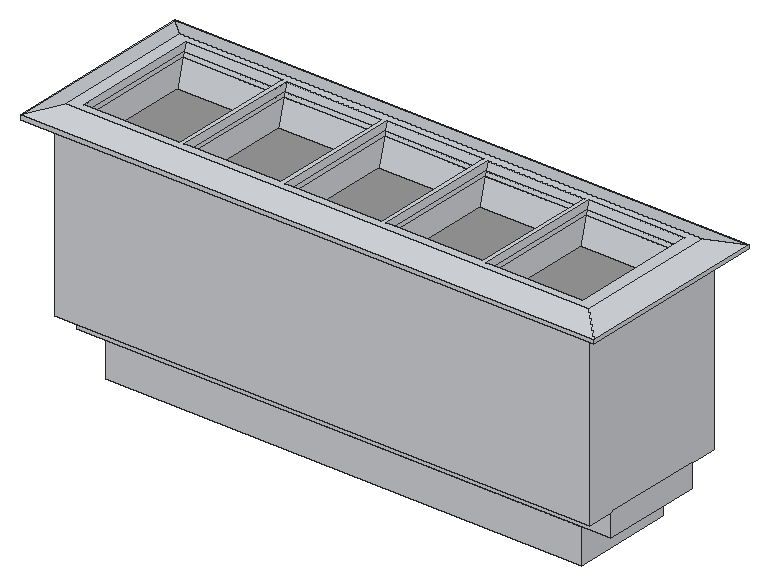
Revit family "2061402 Sylvania Lighting Fixture DOMINO 5xLED 940 BLACK NB TRIM BLACK DALI", category Lighting Fixtures, host Face, Revit 2018
Family settings
  Host = Face
  Round Connector Dimension = Use Diameter
  Part Type = Normal
  OmniClass Number = 23.80.70.00
  OmniClass Title = Lighting
  Cut with Voids When Loaded = No
  Light Source = Yes
  Shared = No
  Room Calculation Point = No
Parameters (values of type "2061402 DOMINO 5XLED 940 BLACK NB TR BLK DALI")
  top top width = 15.812 mm
  top top length = 123 mm
  Width = 50 mm
  Weight = "n/a"
  Wattage Comments = ""
  Wattage = 9.2903 W
  WarrantyStartDate [instance] = "n/a"
  WarrantyGuarantorParts = "n/a"
  WarrantyDurationUnit = "n/a"
  WarrantyDurationParts = ""
  WarrantyDescription = "http://www.sylvania-lighting.com"
  built-in parameter 1150110 = 1 (stored number, unit not read)
  Voltage = 0 V
  URL = "0.96"
  TypeName = "DOMINO 5xLED 940 BLACK NB TRIM BLACK DALI"
  Type Image = <None>
  Type Comments = "n/a"
  built-in parameter 1114217 = 1 (stored number, unit not read)
  Top Width = 26 mm
  Tilt Angle = 90.00°
  built-in parameter 1150109 = 1 (stored number, unit not read)
  built-in parameter 1150134 = 3
  built-in parameter 1150113 = 1 (stored number, unit not read)
  SerialNumber [instance] = "n/a"
  Recessed Width = 43 mm
  Recessed Length = 143 mm
  Photometric Web File = "2061402.ies"
  Material_3_FEILO = none
  PowerFactor = 0
  PowerConsumption = "Lighting"
  NominalLength = 50 mm
  NominalHeight = 0 mm
  NominalDepth = 0 mm
  Name = "DOMINO 5xLED 940 BLACK NB TRIM BLACK DALI"
  ModelReference = Name  # "DOMINO 5xLED 940 BLACK NB TRIM BLACK DALI"
  ModelNumber = "2061402"
  Model = Name  # "DOMINO 5xLED 940 BLACK NB TRIM BLACK DALI"
  Material = "Feilo Sylvania"
  ManufacturerName = "67 lm/W"
  Manufacturer = ""
  LuminousEfficacy = ""
  built-in parameter 1150105 = 109.82 (stored number, unit not read)
  Lumens = 1380 lm
  LuminaireType = "0"
  built-in parameter 1150115 = 1 (stored number, unit not read)
  LightOutputRatio = "LED"
  built-in parameter 1150137 = (empty or 0)
  built-in parameter 1150139 = (empty or 0)
  Lens inside recess = 25 mm
  Lens Width = 32 mm
  Lens Outside recess = 31.978 mm
  Lens = Glass, White, High Luminance
  Length = 148 mm
  LampsType = Lamp  # "n/a"
  LampNominalLuminous = "4000 K"
  LampMacAdamStep = "90"
  LampColourTemperature = "LED"
  LampColourRenderingIndex = "16500"
  built-in parameter 1150112 = 1 (stored number, unit not read)
  built-in parameter 1150114 = 1 (stored number, unit not read)
  Lamp = "n/a"
  Keynote = "n/a"
  InstallationDate [instance] = "n/a"
  InputVoltage = "0"
  InputNominalFrequency = "4000"
  built-in parameter 1150132 = (empty or 0)
  built-in parameter 1150102 = (empty or 0)
  built-in parameter 1150107 = 3200 (stored number, unit not read)
  built-in parameter 1150138 = (empty or 0)
  IngressProtection = "IfcLightFixtureType"
  ImpactProtectionIndex = "IfcLightFixtureType"
  built-in parameter 1150106 = 1.0982 (stored number, unit not read)
  IfcExportType = "IfcLightFixtureType"
  IfcExportAs = "Class II"
  Facia internal width = 37 mm
  Facia internal length = 135 mm
  Facia Height = 2 mm
  ExpectedLife = 50000
  Emit from Circle Diameter = 609.6 mm
  Emit Shape Visible in Rendering = no
  ElectricShockClassification = "67"
  built-in parameter 1150104 = 13.8 (stored number, unit not read)
  DurationUnit = "hours"
  DocumentationLiterature = "http://www.sylvania-lighting.com/product/en-int/products/2061402"
  DimmingControlOptions = "n/a"
  Material_2_FEILO = none
  Dimming Lamp Color Temperature Shift = <None>
  Description = "Modular LED recessed linear spotlight, ideal for retail and hospitality applications. Die-cast aluminium body, passive cooling. Two levels of reflector installation, low glaring UGR<16. 5x LED source, 15° beam angle , optics: PMMA lens and polycarbonate reflector combination, Black matt reflector finish. Light color temperature: 4000K neutral white, total system power: 13W , total fixture lumen output: 860lm, efficacy: 67 lm/W, Ra90 typical, LED chromacity: 3 step MacAdam ellipse (SDCM3), lifespan: 96,000 hours at 90% of the original output (L90B10), IR/UV free light source without heat radiation, operating voltage: 220-240V / 50-60Hz, electronic driver, ultra low flicker, DALI , electrical protection: Class II. Degree of Protection: IP40/IP20, suitable for indoor environment only. Ceiling cut-out: 43x43mm, outer dimensions:  150x50mm trim frame RAL 9005 - Jet black color.5 years Warranty."
  Default Elevation = 1219.2 mm
  CreatedOn = "10/02/2021"
  CreatedBy = "@sylvania-lighting.com"
  Cost = 0
  Color Filter = 16777215
  built-in parameter 1114216 [instance] = (empty or 0)
  ClassificationValue = "EF_70_80"
  ClassificationName = "Uniclass2015"
  Material_1_FEILO = none
  Body Width = 40 mm
  Body Length = 138 mm
  BarCode [instance] = "n/a"
  built-in parameter 1114218 = 1 (stored number, unit not read)
  built-in parameter 1150133 = 10 (stored number, unit not read)
  AssetType = "Fixed"
  AssetIdentifier [instance] = "n/a"
  Assembly Code = "D5020200"
  Apparent Load = 13 VA
  Material_4_FEILO = none
Reference planes
  plane 1 "Center (Front/Back)": y = 0
  plane 2: z = 0
  plane 3 "Center (Left/Right)": x = 0
  plane 4: z = 0
  plane 5: z = -7
  plane 6: z = -45.895
  plane 7: z = -51.895
  plane 8: z = -60.895
  plane 9: x = -71.5
  plane 10: x = 71.5
  plane 11: y = 21.5
  plane 12: y = -21.5
  plane 13: x = -74
  plane 14: x = 74
  plane 15: y = 25
  plane 16: y = -25
  plane 17: x = 67.5
  plane 18: x = -67.5
  plane 19: y = 18.5
  plane 20: y = -18.5
  plane 21: z = 2
  plane 22: x = -69
  plane 23: x = 69
  plane 24: y = 20
  plane 25: y = -20
  plane 26: y = 13
  plane 27: y = -13
  plane 28: x = 61.5
  plane 29: x = -61.5
  plane 30: x = -65.5
  plane 31: y = 16.5
  plane 32: y = -16.472
  plane 33: x = -40.5
  plane 34: x = -41
  plane 35: x = -65
  plane 36: y = 13
  plane 37: y = -12.972
  plane 38: x = -39.5
  plane 39: x = -14.48
  plane 40: x = -13.48
  plane 41: x = 11.52
  plane 42: x = 12.52
  plane 43: x = 37.52
  plane 44: x = 38.52
  plane 45: x = 64.5
Forms (mm)
  Extrusion 1, solid, not visible, detail levels medium+fine
    sketch origin (4.2, 0, 0) x (1, 0, 0) y (0, 1, 0)
      loop
        line (-29.2, 34.5) -> (-29.2, -34.5) -> (20.8, -34.5) -> (20.8, 34.5) -> (-29.2, 34.5)
    from 0 to 1
  Extrusion 2, solid, not visible, detail levels medium+fine
    sketch origin (4.044, 0, 0) x (1, 0, 0) y (0, 1, 0)
      loop
        line (-29.2, 34.5) -> (-29.2, -34.5) -> (20.8, -34.5) -> (20.8, 34.5) -> (-29.2, 34.5)
    from 0 to 1
  Blend 3, solid, not visible, detail levels medium+fine
    base sketch origin (4.2, 0, 0) x (1, 0, 0) y (0, 1, 0)
      loop
        line (-29.2, 34.5) -> (-29.2, -34.5) -> (20.8, -34.5) -> (20.8, 34.5) -> (-29.2, 34.5)
    top sketch origin (4.2, 0, 0) x (1, 0, 0) y (0, 1, 0)
      loop
        line (-21.7, 28) -> (-21.7, -28) -> (13.3, -28) -> (13.3, 28) -> (-21.7, 28)
    from 1 to 3
  Extrusion 4, solid, not visible, detail levels medium+fine
    sketch origin (3.419, 0, 0) x (1, 0, 0) y (0, 1, 0)
      loop
        line (-29.2, 34.5) -> (-29.2, -34.5) -> (20.8, -34.5) -> (20.8, 34.5) -> (-29.2, 34.5)
    from 0 to 1
  Blend 5, solid, not visible, detail levels medium+fine
    base sketch origin (3.575, 0, 0) x (1, 0, 0) y (0, 1, 0)
      loop
        line (-29.2, 34.5) -> (-29.2, -34.5) -> (20.8, -34.5) -> (20.8, 34.5) -> (-29.2, 34.5)
    top sketch origin (3.575, 0, 0) x (1, 0, 0) y (0, 1, 0)
      loop
        line (-21.7, 28) -> (-21.7, -28) -> (13.3, -28) -> (13.3, 28) -> (-21.7, 28)
    from 1 to 3
  Extrusion 6, solid, not visible, detail levels medium+fine
    sketch origin (4.247, 0, 0) x (1, 0, 0) y (0, 1, 0)
      loop
        line (-29.2, 34.5) -> (-29.2, -34.5) -> (20.8, -34.5) -> (20.8, 34.5) -> (-29.2, 34.5)
    from 0 to 1
  Blend 7, solid, not visible, detail levels medium+fine
    base sketch origin (4.403, 0, 0) x (1, 0, 0) y (0, 1, 0)
      loop
        line (-29.2, 34.5) -> (-29.2, -34.5) -> (20.8, -34.5) -> (20.8, 34.5) -> (-29.2, 34.5)
    top sketch origin (4.403, 0, 0) x (1, 0, 0) y (0, 1, 0)
      loop
        line (-21.7, 28) -> (-21.7, -28) -> (13.3, -28) -> (13.3, 28) -> (-21.7, 28)
    from 1 to 3
  Extrusion 8, void, detail levels medium+fine
    sketch origin (4.2, 0, 0) x (0, 1, 0) y (1, 0, 0)
      loop
        line (21.5, -75.7) -> (21.5, 67.3) -> (-21.5, 67.3) -> (-21.5, -75.7) -> (21.5, -75.7)
    from -9.934 to 83.097
  Extrusion 9, solid, detail levels medium+fine
    sketch origin (4.2, 0, 0) x (1, 0, 0) y (0, 1, 0)
      loop
        line (-78.2, 25) -> (-78.2, -25) -> (69.8, -25) -> (69.8, 25) -> (-78.2, 25)
    from 0 to 1
  Extrusion 10, solid, detail levels medium+fine
    sketch origin (4.2, 0, 0) x (1, 0, 0) y (0, 1, 0)
      loop
        line (-73.2, 20) -> (-73.2, -20) -> (64.8, -20) -> (64.8, 20) -> (-73.2, 20)
    from 0 to -45.895
  Extrusion 11, solid, detail levels medium+fine
    sketch origin (4.2, 0, 0) x (1, 0, 0) y (0, 1, 0)
      loop
        line (-73.2, 13) -> (-73.2, -13) -> (64.8, -13) -> (64.8, 13) -> (-73.2, 13)
    from -51.895 to -45.895
  Extrusion 12, solid, material "Glass, White, High Luminance" <- "Lens", detail levels fine
    sketch origin (11.874, 1219.733, 36.156) x (1, 0, 0) y (0, 1, 0)
      loop
        line (-75.883, -1206.7) -> (-75.883, -1232.733) -> (-51.887, -1232.733) -> (-51.887, -1206.7) -> (-75.883, -1206.7)
    from -43.156 to -42.182
  Blend 13, solid, detail levels medium+fine
    base sketch origin (4.2, 0, 0) x (1, 0, 0) y (0, 1, 0)
      loop
        line (-78.2, 25) -> (-78.2, -25) -> (69.8, -25) -> (69.8, 25) -> (-78.2, 25)
    top sketch origin (4.2, 0, 0) x (1, 0, 0) y (0, 1, 0)
      loop
        line (-71.7, 18.5) -> (-71.7, -18.5) -> (63.3, -18.5) -> (63.3, 18.5) -> (-71.7, 18.5)
    from 1 to 3
  Extrusion 14, solid, detail levels fine
    sketch origin (0, 0, 0) x (1, 0, 0) y (0, 0, 1)
      loop
        line (-61.5, -51.895) -> (-61.5, -60.895) -> (61.5, -60.895) -> (61.5, -51.895) -> (-61.5, -51.895)
    from -13 to 13
  Blend 15, void
    base sketch origin (5.187, 0, 0) x (0, 1, 0) y (-1, 0, 0)
      loop
        line (16.5, 69.7) -> (-16.472, 69.7) -> (-16.472, 44.7) -> (16.5, 44.7) -> (16.5, 69.7)
    top sketch origin (5.187, 0, 0) x (0, 1, 0) y (-1, 0, 0)
      loop
        line (13, 69.2) -> (-12.972, 69.2) -> (-12.972, 45.2) -> (13, 45.2) -> (13, 69.2)
    from 3 to -7
  Blend 16, void
    base sketch origin (31.202, 0, 0) x (0, 1, 0) y (-1, 0, 0)
      loop
        line (16.5, 69.7) -> (-16.472, 69.7) -> (-16.472, 44.7) -> (16.5, 44.7) -> (16.5, 69.7)
    top sketch origin (31.202, 0, 0) x (0, 1, 0) y (-1, 0, 0)
      loop
        line (13, 69.2) -> (-12.972, 69.2) -> (-12.972, 45.2) -> (13, 45.2) -> (13, 69.2)
    from 3 to -7
  Blend 17, void
    base sketch origin (57.213, -0.017, 0) x (0, 1, 0) y (-1, 0, 0)
      loop
        line (16.5, 69.7) -> (-16.472, 69.7) -> (-16.472, 44.7) -> (16.5, 44.7) -> (16.5, 69.7)
    top sketch origin (57.213, -0.017, 0) x (0, 1, 0) y (-1, 0, 0)
      loop
        line (13, 69.2) -> (-12.972, 69.2) -> (-12.972, 45.2) -> (13, 45.2) -> (13, 69.2)
    from 3 to -7
  Blend 18, void
    base sketch origin (83.222, 0, 0) x (0, 1, 0) y (-1, 0, 0)
      loop
        line (16.5, 69.7) -> (-16.472, 69.7) -> (-16.472, 44.7) -> (16.5, 44.7) -> (16.5, 69.7)
    top sketch origin (83.222, 0, 0) x (0, 1, 0) y (-1, 0, 0)
      loop
        line (13, 69.2) -> (-12.972, 69.2) -> (-12.972, 45.2) -> (13, 45.2) -> (13, 69.2)
    from 3 to -7
  Blend 19, void
    base sketch origin (109.202, 0, 0) x (0, 1, 0) y (-1, 0, 0)
      loop
        line (16.5, 69.7) -> (-16.472, 69.7) -> (-16.472, 44.7) -> (16.5, 44.7) -> (16.5, 69.7)
    top sketch origin (109.202, 0, 0) x (0, 1, 0) y (-1, 0, 0)
      loop
        line (13, 69.2) -> (-12.972, 69.2) -> (-12.972, 45.2) -> (13, 45.2) -> (13, 69.2)
    from 3 to -7
  Extrusion 20, solid, material "Glass, White, High Luminance" <- "Lens", detail levels fine
    sketch origin (37.889, 1219.733, 36.156) x (1, 0, 0) y (0, 1, 0)
      loop
        line (-75.883, -1206.7) -> (-75.883, -1232.733) -> (-51.887, -1232.733) -> (-51.887, -1206.7) -> (-75.883, -1206.7)
    from -43.156 to -42.182
  Extrusion 21, solid, material "Glass, White, High Luminance" <- "Lens", detail levels fine
    sketch origin (63.896, 1219.733, 36.156) x (1, 0, 0) y (0, 1, 0)
      loop
        line (-75.883, -1206.7) -> (-75.883, -1232.733) -> (-51.887, -1232.733) -> (-51.887, -1206.7) -> (-75.883, -1206.7)
    from -43.156 to -42.182
  Extrusion 22, solid, material "Glass, White, High Luminance" <- "Lens", detail levels fine
    sketch origin (89.905, 1219.733, 36.156) x (1, 0, 0) y (0, 1, 0)
      loop
        line (-75.883, -1206.7) -> (-75.883, -1232.733) -> (-51.887, -1232.733) -> (-51.887, -1206.7) -> (-75.883, -1206.7)
    from -43.156 to -42.182
  Extrusion 23, solid, material "Glass, White, High Luminance" <- "Lens", detail levels fine
    sketch origin (115.886, 1219.733, 36.156) x (1, 0, 0) y (0, 1, 0)
      loop
        line (-75.883, -1206.7) -> (-75.883, -1232.733) -> (-51.887, -1232.733) -> (-51.887, -1206.7) -> (-75.883, -1206.7)
    from -43.156 to -42.182
  Extrusion 24, solid, detail levels coarse
    sketch origin (4.2, 0, 0) x (1, 0, 0) y (0, 1, 0)
      loop
        line (-78.2, 25) -> (-78.2, -25) -> (69.8, -25) -> (69.8, 25) -> (-78.2, 25)
    from 3 to -60.895
Cuts and joins
  Blend 15, Blend 16, Blend 17, Blend 18, Blend 19 cuts Extrusion 9
  Blend 15, Blend 16, Blend 17, Blend 18, Blend 19 cuts Extrusion 10
  Blend 15, Blend 16, Blend 17, Blend 18, Blend 19 cuts Blend 13
Dimensions and locks
  "Recessed Length": plane 9 to plane 10
  equal spacing: plane 9, plane 3 "Center (Left/Right)", plane 10
  "Length": plane 13 to plane 14
  equal spacing: plane 13, plane 3 "Center (Left/Right)", plane 14
  "Recessed Width": plane 11 to plane 12
  equal spacing: plane 11, plane 1 "Center (Front/Back)", plane 12
  "Width": plane 15 to plane 16
  equal spacing: plane 15, plane 1 "Center (Front/Back)", plane 16
  "Facia internal length": plane 18 to plane 17
  equal spacing: plane 18, plane 3 "Center (Left/Right)", plane 17
  "Facia internal width": plane 19 to plane 20
  equal spacing: plane 19, plane 1 "Center (Front/Back)", plane 20
  "Facia Height": plane 21 to host face
  "Body Length": plane 22 to plane 23
  equal spacing: plane 22, plane 3 "Center (Left/Right)", plane 23
  "Body Width": plane 24 to plane 25
  equal spacing: plane 24, plane 1 "Center (Front/Back)", plane 25
  "Top Width": plane 26 to plane 27
  equal spacing: plane 26, plane 1 "Center (Front/Back)", plane 27
  "top top length": plane 29 to plane 28
  equal spacing: plane 29, plane 3 "Center (Left/Right)", plane 28  (x2)
  plane 28 to plane 29 = 123 mm
  equal spacing: plane 28, plane 3 "Center (Left/Right)", plane 29
  aligned and locked: plane 2 to host face
  aligned and locked: level to host face
  aligned and locked: Extrusion 11 to plane 7
  aligned and locked: Extrusion 10 to plane 6
  aligned and locked: Extrusion 12 to plane 5
Automatic sketch dimensions
  Extrusion 1 sketch curve to Extrusion 1 sketch curve = 50 mm
  Extrusion 1 sketch curve to Extrusion 1 sketch curve = 69 mm
  Extrusion 2 sketch curve to Extrusion 2 sketch curve = 50 mm
  Extrusion 2 sketch curve to Extrusion 2 sketch curve = 69 mm
  Blend 3 sketch curve to Blend 3 sketch curve = 50 mm
  Blend 3 sketch curve to Blend 3 sketch curve = 69 mm
  Blend 3 sketch curve to Blend 3 sketch curve = 35 mm
  Blend 3 sketch curve to Blend 3 sketch curve = 56 mm
  Extrusion 4 sketch curve to Extrusion 4 sketch curve = 50 mm
  Extrusion 4 sketch curve to Extrusion 4 sketch curve = 69 mm
  Blend 5 sketch curve to Blend 5 sketch curve = 50 mm
  Blend 5 sketch curve to Blend 5 sketch curve = 69 mm
  Blend 5 sketch curve to Blend 5 sketch curve = 35 mm
  Blend 5 sketch curve to Blend 5 sketch curve = 56 mm
  Extrusion 6 sketch curve to Extrusion 6 sketch curve = 50 mm
  Extrusion 6 sketch curve to Extrusion 6 sketch curve = 69 mm
  Blend 7 sketch curve to Blend 7 sketch curve = 50 mm
  Blend 7 sketch curve to Blend 7 sketch curve = 69 mm
  Blend 7 sketch curve to Blend 7 sketch curve = 35 mm
  Blend 7 sketch curve to Blend 7 sketch curve = 56 mm
  host sketch curve to host sketch curve = 2438.4 mm  (x2)
  Extrusion 8 sketch curve to plane 9 = 0 mm
  Extrusion 8 sketch curve to plane 12 = 0 mm
  Extrusion 8 sketch curve to plane 11 = 0 mm
  Extrusion 8 sketch curve to plane 10 = 0 mm
  Extrusion 9 sketch curve to plane 13 = 0 mm
  Extrusion 9 sketch curve to plane 14 = 0 mm
  Extrusion 9 sketch curve to plane 16 = 0 mm
  Extrusion 9 sketch curve to plane 15 = 0 mm
  Extrusion 10 sketch curve to plane 22 = 0 mm
  Extrusion 10 sketch curve to plane 23 = 0 mm
  Extrusion 10 sketch curve to plane 25 = 0 mm
  Extrusion 10 sketch curve to plane 24 = 0 mm
  Extrusion 11 sketch curve to plane 22 = 0 mm
  Extrusion 11 sketch curve to plane 23 = 0 mm
  Extrusion 11 sketch curve to plane 27 = 0 mm
  Extrusion 11 sketch curve to plane 26 = 0 mm
  Extrusion 12 sketch curve to plane 27 = 0 mm
  plane 35 to Extrusion 12 sketch curve = 0.991 mm
  plane 26 to Extrusion 12 sketch curve = 0.033 mm
  plane 33 to Extrusion 12 sketch curve = 0.487 mm
  Blend 13 sketch curve to plane 13 = 0 mm
  Blend 13 sketch curve to plane 14 = 0 mm
  Blend 13 sketch curve to plane 16 = 0 mm
  Blend 13 sketch curve to plane 15 = 0 mm
  Blend 13 sketch curve to plane 18 = 0 mm
  Blend 13 sketch curve to plane 17 = 0 mm
  Blend 13 sketch curve to plane 20 = 0 mm
  Blend 13 sketch curve to plane 19 = 0 mm
  Extrusion 14 sketch curve to plane 8 = 0 mm
  Extrusion 14 sketch curve to plane 29 = 0 mm
  Extrusion 14 sketch curve to plane 28 = 0 mm
  Extrusion 14 sketch curve to plane 7 = 0 mm
  Blend 15 sketch curve to plane 32 = 0 mm
  Blend 15 sketch curve to plane 31 = 0 mm
  Blend 15 sketch curve to plane 38 = 0.013 mm
  plane 35 to Blend 15 sketch curve = 0.487 mm
  Blend 15 sketch curve to plane 37 = 0 mm
  Blend 15 sketch curve to plane 26 = 0 mm
  plane 33 to Blend 15 sketch curve = 0.487 mm
  plane 35 to Blend 15 sketch curve = 0.987 mm
  Blend 16 sketch curve to plane 32 = 0 mm
  Blend 16 sketch curve to plane 31 = 0 mm
  Blend 16 sketch curve to plane 40 = 0.018 mm
  plane 38 to Blend 16 sketch curve = 1.002 mm
  Blend 16 sketch curve to plane 37 = 0 mm
  Blend 16 sketch curve to plane 26 = 0 mm
  plane 39 to Blend 16 sketch curve = 0.482 mm
  plane 38 to Blend 16 sketch curve = 1.502 mm
  Blend 17 sketch curve to plane 32 = 0.017 mm
  Blend 17 sketch curve to plane 31 = 0.017 mm
  Blend 17 sketch curve to plane 42 = 0.007 mm
  plane 40 to Blend 17 sketch curve = 0.993 mm
  plane 27 to Blend 17 sketch curve = 0.011 mm
  Blend 17 sketch curve to plane 26 = 0.017 mm
  plane 41 to Blend 17 sketch curve = 0.493 mm
  plane 40 to Blend 17 sketch curve = 1.493 mm
  plane 32 to Blend 18 sketch curve = 0 mm
  plane 31 to Blend 18 sketch curve = 0 mm
  plane 44 to Blend 18 sketch curve = 0.002 mm
  plane 42 to Blend 18 sketch curve = 1.002 mm
  plane 37 to Blend 18 sketch curve = 0 mm
  plane 26 to Blend 18 sketch curve = 0 mm
  Blend 18 sketch curve to plane 44 = 0.498 mm
  plane 42 to Blend 18 sketch curve = 1.502 mm
  Blend 19 sketch curve to plane 32 = 0 mm
  Blend 19 sketch curve to plane 31 = 0 mm
  plane 45 to Blend 19 sketch curve = 0.002 mm
  plane 44 to Blend 19 sketch curve = 0.982 mm
  Blend 19 sketch curve to plane 37 = 0 mm
  Blend 19 sketch curve to plane 26 = 0 mm
  Blend 19 sketch curve to plane 45 = 0.498 mm
  plane 44 to Blend 19 sketch curve = 1.482 mm
  Extrusion 20 sketch curve to plane 27 = 0 mm
  plane 38 to Extrusion 20 sketch curve = 1.506 mm
  plane 26 to Extrusion 20 sketch curve = 0.033 mm
  plane 39 to Extrusion 20 sketch curve = 0.482 mm
  Extrusion 21 sketch curve to plane 27 = 0 mm
  plane 40 to Extrusion 21 sketch curve = 1.493 mm
  plane 26 to Extrusion 21 sketch curve = 0.033 mm
  plane 41 to Extrusion 21 sketch curve = 0.49 mm
  Extrusion 22 sketch curve to plane 27 = 0 mm
  plane 42 to Extrusion 22 sketch curve = 1.502 mm
  plane 26 to Extrusion 22 sketch curve = 0.033 mm
  plane 43 to Extrusion 22 sketch curve = 0.498 mm
  Extrusion 23 sketch curve to plane 27 = 0 mm
  plane 44 to Extrusion 23 sketch curve = 1.482 mm
  plane 26 to Extrusion 23 sketch curve = 0.033 mm
  Extrusion 23 sketch curve to plane 45 = 0.501 mm
  Extrusion 24 sketch curve to plane 13 = 0 mm
  Extrusion 24 sketch curve to plane 14 = 0 mm
  Extrusion 24 sketch curve to plane 16 = 0 mm
  Extrusion 24 sketch curve to plane 15 = 0 mm
Connectors
  electrical at (0, 0, -60.895)
    settings: on Extrusion 14, index 1, voltage 0 V, apparent load 0 VA, apparent load phase1 0 VA, apparent load phase2 0 VA, apparent load phase3 0 VA, power factor 1, load classification "Other", number of poles 1, system type 31, power factor state 1, is connector primary yes, connector utility no, sub classification motor no, connector description ""
